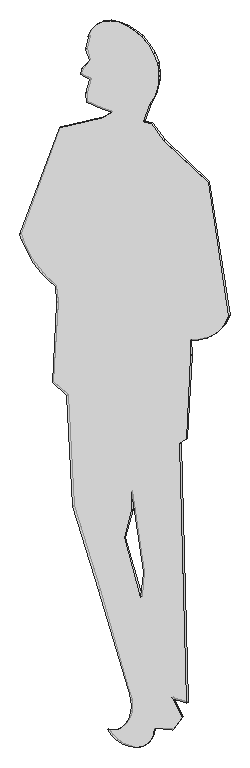
Revit family "Flat Man 11", category Entourage, Revit 2015
Parameters
  Flat Material [instance] = none
  Height = 0 mm
Reference planes
  plane 1 "Center (Front/Back)": y = 0
  plane 2: z = 0
  plane 3 "Center (Left/Right)": x = 0
Forms (mm)
  Extrusion 1, solid, material <- "Flat Material"
    sketch origin (0, 0, 0) x (1, 0, 0) y (0, 0, 1)
      loop
        line (-17.481, 39.951) -> (-29.198, 31.258) -> (-42.24, 24.695) -> (-56.206, 20.458) -> (-43.694, 10.315) -> (-29.373, 2.955) -> (-13.844, -1.312) -> (2.228, -2.306) -> (18.164, 0.019) -> (33.279, 5.564) -> (46.945, 14.09) -> (58.563, 25.238) -> (67.649, 38.53) -> (73.822, 53.406) -> (76.808, 69.231) -> (128.156, 84.469) -> (157.148, 127.728) -> (130.315, 161.77) -> (126.476, 165.945) -> (132.285, 163.962) -> (169.731, 165.945) -> (149.565, 822.01) -> (167.513, 837.565) -> (180.905, 1057.32) -> (178.871, 1095.631) -> (186.4, 1097.53) -> (200.119, 1102.39) -> (213.335, 1108.5) -> (225.919, 1115.811) -> (237.761, 1124.27) -> (248.769, 1133.789) -> (258.838, 1144.301) -> (267.889, 1155.701) -> (275.84, 1167.891) -> (282.623, 1180.771) -> (288.163, 1194.22) -> (230.035, 1514.401) -> (104.035, 1577.4) -> (68.129, 1608.509) -> (46.778, 1606.1) -> (63.847, 1654.65) -> (69.62, 1663.799) -> (74.702, 1673.34) -> (79.07, 1683.23) -> (82.711, 1693.411) -> (85.598, 1703.831) -> (87.721, 1714.43) -> (89.059, 1725.161) -> (89.619, 1735.96) -> (89.386, 1746.771) -> (88.367, 1757.53) -> (86.558, 1768.191) -> (75.223, 1788.389) -> (59.87, 1805.731) -> (41.18, 1819.41) -> (20.01, 1828.819) -> (-2.671, 1833.521) -> (-25.84, 1833.3) -> (-48.421, 1828.171) -> (-69.408, 1818.371) -> (-87.837, 1804.331) -> (-102.863, 1786.699) -> (-113.812, 1766.291) -> (-109.143, 1767.401) -> (-117.766, 1731.039) -> (-108.694, 1705.521) -> (-128.954, 1677.389) -> (-134, 1660.971) -> (-125.677, 1660.53) -> (-106.956, 1659.531) -> (-117.484, 1618.37) -> (-116.501, 1597.46) -> (-70.737, 1595.03) -> (-45.193, 1595.739) -> (-71.371, 1574.181) -> (-193.918, 1505.581) -> (-305.158, 1194.22) -> (-299.605, 1180.771) -> (-292.821, 1167.891) -> (-284.875, 1155.701) -> (-275.825, 1144.301) -> (-265.756, 1133.789) -> (-254.743, 1124.27) -> (-242.901, 1115.811) -> (-230.318, 1108.5) -> (-217.115, 1102.39) -> (-204.401, 1097.891) -> (-200.895, 1057.949) -> (-212.76, 848.704) -> (-172.123, 829.994) -> (-155.387, 553.427) -> (-80.748, 365.456) -> (-0.301, 146.504) -> (2.797, 139.944) -> (5.936, 133.307) -> (9.818, 119.236) -> (11.242, 104.712) -> (10.168, 90.155) -> (6.613, 75.998) -> (0.701, 62.655) -> (-7.411, 50.52) -> (-17.481, 39.951)
      loop
        line (45.782, 457.695) -> (10.568, 649.84) -> (12.996, 604.073) -> (-7.892, 525.78) -> (38.918, 390.574) -> (45.782, 457.695)
    from -2.5 to 2.5
Lines and regions (mm)
  model lines
    curve 1: line (-150, 0, 0) -> (150, 0, 0)
    curve 2: line (0, -150, 0) -> (0, 150, 0)
Dimensions and locks
  aligned and locked: level to plane 2
